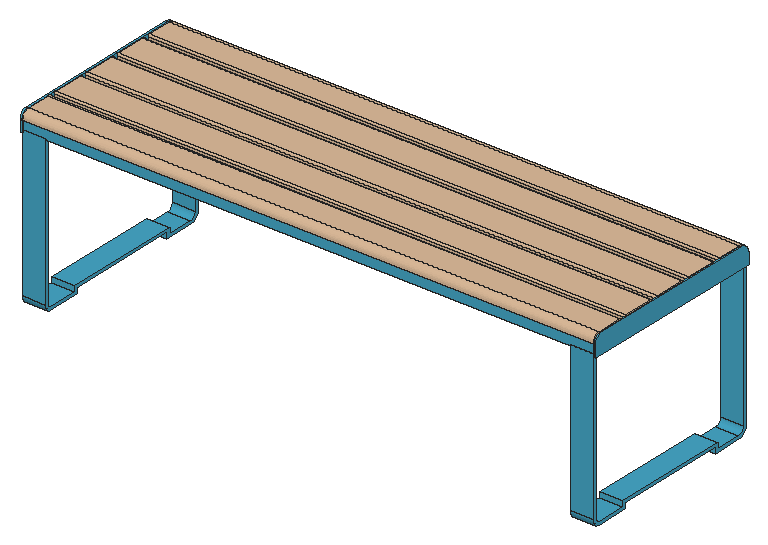
Revit family "product code 61207-S-L", category Meble, Revit 2021
Family settings
  Numer OmniClass = 23.40.20.00
  Tytuł OmniClass = General Furniture and Specialties
  Oparty na płaszczyźnie roboczej = Nie
  Zawsze pionowo = Tak
  Tnij formami wycięć po wczytaniu = Nie
  Współdzielony = Nie
  Punkt obliczania pomieszczeń = Nie
Parameters (values of type "61207-S-L")
  wood = Kobenhagen Wood - Larch
  metal = Kobenhagen RAL 5012
  Width = "50 cm"
  Weight = "35 kg"
  URL = "https://kobenhagen.com/en_US/p/Frederiksberg-3-person-Bench-wo-Backrest/140"
  Product line = "Frederiksberg"
  Product Groups = "Benches"
  Producent = "Lars Laj"
  Keynote = ""
  Opis = "Frederiksberg 3-person Bench w/o Backrest"
  Model = "61207-S-L"
  Material = "Larch, stainless steel, powder coated steel"
  Maintenance = "We recommend to examine and tighten all screws and bolt clamps after a few weeks’ use. In order to prevent cracks and to extend the life of the wood, it is recommended that the wood details should be oiled every 3-5 years."
  Lenght = "150 cm"
  Type Comments = ""
  Kobenhagen Materials = "larslaj.com/bim"
  Hosted on larslaj.com = "https://larslaj.com/bim"
  Height = "45 cm"
  Domyślna rzędna = 0 mm
  Copyright = "All designs and drawings are the intellectual property of Lars Laj A/S and are protected by Danish and international copyright laws."
Reference planes
  plane 1 "front": y = 0
  plane 2: z = 0
  plane 3 "Środek (Lewa/Prawa)": x = 0
  plane 4 "left": x = -745
  plane 5 "right": x = 745
  plane 6 "back": y = 575.242
  plane 7: x = -685
  plane 8: x = 685
  plane 9: x = 0.104
Forms (mm)
  Extrusion 1, solid, material "Kobenhagen Wood - Larch" <- "wood"
    sketch origin (0, -0.031, 21.46) x (0, 1, 0) y (0, 0, 1)
      loop
        arc (260.118, 430.04) -> (256.583, 428.576) -> (255.118, 425.04) r 5
        line (255.118, 425.04) -> (255.118, 388.972)
        arc (255.118, 388.972) -> (255.693, 387.586) -> (257.078, 387.012) r 1.96
        line (257.078, 387.012) -> (342.493, 387.012)
        arc (342.493, 387.012) -> (343.908, 387.598) -> (344.493, 389.012) r 2
        line (344.493, 389.012) -> (344.493, 425.04)
        arc (344.493, 425.04) -> (343.029, 428.576) -> (339.493, 430.04) r 5
        line (339.493, 430.04) -> (260.118, 430.04)
    from -745 to 745
  Extrusion 2, solid, material "Kobenhagen Wood - Larch" <- "wood"
    sketch origin (0, -102.48, 21.46) x (0, 1, 0) y (0, 0, 1)
      loop
        arc (260.118, 430.04) -> (256.583, 428.576) -> (255.118, 425.04) r 5
        line (255.118, 425.04) -> (255.118, 388.972)
        arc (255.118, 388.972) -> (255.693, 387.586) -> (257.078, 387.012) r 1.96
        line (257.078, 387.012) -> (342.493, 387.012)
        arc (342.493, 387.012) -> (343.908, 387.598) -> (344.493, 389.012) r 2
        line (344.493, 389.012) -> (344.493, 425.04)
        arc (344.493, 425.04) -> (343.029, 428.576) -> (339.493, 430.04) r 5
        line (339.493, 430.04) -> (260.118, 430.04)
    from -745 to 745
  Extrusion 3, solid, material "Kobenhagen Wood - Larch" <- "wood"
    sketch origin (0, -204.98, 21.46) x (0, 1, 0) y (0, 0, 1)
      loop
        arc (275.801, 430.04) -> (261.497, 424.045) -> (255.743, 409.642) r 20.061
        line (255.743, 409.642) -> (258.916, 409.642) -> (258.916, 387.013) -> (343.118, 387.013)
        arc (343.118, 387.013) -> (344.532, 387.598) -> (345.117, 389.012) r 1.999
        line (345.117, 389.012) -> (345.117, 425.043)
        arc (345.117, 425.043) -> (343.653, 428.577) -> (340.119, 430.04) r 4.998
        line (340.119, 430.04) -> (275.801, 430.04)
    from -745 to 745
  Extrusion 4, solid, material "Kobenhagen Wood - Larch" <- "wood"
    sketch origin (0, 102.52, 22.625) x (0, 1, 0) y (0, 0, 1)
      loop
        arc (260.118, 428.875) -> (256.583, 427.411) -> (255.118, 423.875) r 5
        line (255.118, 423.875) -> (255.118, 387.807)
        arc (255.118, 387.807) -> (255.693, 386.421) -> (257.078, 385.847) r 1.96
        line (257.078, 385.847) -> (342.493, 385.847)
        arc (342.493, 385.847) -> (343.908, 386.433) -> (344.493, 387.847) r 2
        line (344.493, 387.847) -> (344.493, 423.875)
        arc (344.493, 423.875) -> (343.029, 427.411) -> (339.493, 428.875) r 5
        line (339.493, 428.875) -> (260.118, 428.875)
    from -745 to 745
  Extrusion 5, solid, material "Kobenhagen RAL 5012" <- "metal", not visible
    sketch origin (0, 0, 0) x (0, 1, 0) y (0, 0, 1)
      loop
        arc (71.187, 451.5) -> (57.045, 445.642) -> (51.187, 431.5) r 20
        line (51.187, 431.5) -> (51.187, 18.231)
        arc (51.187, 18.231) -> (56.527, 5.34) -> (69.418, 0) r 18.231
        line (69.418, 0) -> (153.638, 0) -> (153.638, 15) -> (448.638, 15) -> (448.638, 0) -> (527.023, 0)
        arc (527.023, 0) -> (542.307, 6.331) -> (548.638, 21.615) r 21.615
        line (548.638, 21.615) -> (548.638, 429.407)
        arc (548.638, 429.407) -> (542.168, 445.029) -> (526.545, 451.5) r 22.093
        line (526.545, 451.5) -> (71.187, 451.5)
    from 750.378 to 745
  Extrusion 6, solid, material "Kobenhagen RAL 5012" <- "metal", not visible
    sketch origin (0, 0, 0) x (0, 1, 0) y (0, 0, 1)
      loop
        line (548.638, 396.844) -> (629.375, 854.725) -> (601.836, 859.581)
        arc (601.836, 859.581) -> (585.224, 855.898) -> (576.082, 841.547) r 22.232
        line (576.082, 841.547) -> (507.306, 451.5) -> (526.545, 451.5)
        arc (526.545, 451.5) -> (542.168, 445.029) -> (548.638, 429.407) r 22.093
        line (548.638, 429.407) -> (548.638, 396.844)
    from 745 to 750.378
  Extrusion 7, solid, material "Kobenhagen RAL 5012" <- "metal"
    sketch origin (0, 0, 0) x (0, -1, 0) y (0, 0, 1)
      loop
        line (-71.187, 451.5) -> (-526.545, 451.5)
        arc (-526.545, 451.5) -> (-542.168, 445.029) -> (-548.638, 429.407) r 22.093
        line (-548.638, 429.407) -> (-548.638, 400.262) -> (-51.187, 400.262) -> (-51.187, 431.5)
        arc (-51.187, 431.5) -> (-57.045, 445.642) -> (-71.187, 451.5) r 20
    from 750.378 to 745
  Extrusion 8, solid, material "Kobenhagen RAL 5012" <- "metal"
    sketch origin (0, 0, 0) x (0, 1, 0) y (0, 0, 1)
      loop
        line (548.638, 23.296) -> (548.638, 408.472) -> (51.187, 408.472) -> (51.187, 18.763)
        arc (51.187, 18.763) -> (56.683, 5.495) -> (69.95, 0) r 18.763
        line (69.95, 0) -> (153.638, 0) -> (153.638, 15) -> (448.638, 15) -> (448.638, 0) -> (525.342, 0)
        arc (525.342, 0) -> (541.815, 6.823) -> (548.638, 23.296) r 23.296
      loop
        line (58.687, 400.262) -> (58.687, 18.763)
        arc (58.687, 18.763) -> (61.986, 10.799) -> (69.95, 7.5) r 11.263
        line (69.95, 7.5) -> (146.138, 7.5) -> (146.138, 22.5) -> (456.138, 22.5) -> (456.138, 7.5) -> (525.342, 7.5)
        arc (525.342, 7.5) -> (536.512, 12.127) -> (541.138, 23.296) r 15.796
        line (541.138, 23.296) -> (541.138, 400.262) -> (58.687, 400.262)
    from -745 to -685
  Extrusion 9, solid, material "Kobenhagen RAL 5012" <- "metal"
    sketch origin (0, 0, 0) x (0, 1, 0) y (0, 0, 1)
      loop
        line (527.77, 408.472) -> (72.058, 408.472) -> (72.058, 406.163) -> (527.77, 406.163) -> (527.77, 408.472)
    from 30.093 to -29.679
  Extrusion 10, solid, material "Kobenhagen RAL 5012" <- "metal"
    sketch origin (0, 0, 0) x (0, 1, 0) y (0, 0, 1)
      loop
        line (53.936, 431.102) -> (51.187, 431.102) -> (51.187, 405.966) -> (72.058, 405.966) -> (72.058, 408.472) -> (53.936, 408.472) -> (53.936, 431.102)
    from -745 to 745
  Extrusion 11, solid, material "Kobenhagen RAL 5012" <- "metal"
    sketch origin (0, 0, 0) x (0, 1, 0) y (0, 0, -1)
      loop
        arc (548.638, -23.296) -> (541.815, -6.823) -> (525.342, 0) r 23.296
        line (525.342, 0) -> (448.638, 0) -> (448.638, -15) -> (153.638, -15) -> (153.638, 0) -> (69.95, 0)
        arc (69.95, 0) -> (56.683, -5.495) -> (51.187, -18.763) r 18.763
        line (51.187, -18.763) -> (51.187, -408.472) -> (548.638, -408.472) -> (548.638, -23.296)
      loop
        line (58.687, -400.262) -> (541.138, -400.262) -> (541.138, -23.296)
        arc (541.138, -23.296) -> (536.512, -12.127) -> (525.342, -7.5) r 15.796
        line (525.342, -7.5) -> (456.138, -7.5) -> (456.138, -22.5) -> (146.138, -22.5) -> (146.138, -7.5) -> (69.95, -7.5)
        arc (69.95, -7.5) -> (61.986, -10.799) -> (58.687, -18.763) r 11.263
        line (58.687, -18.763) -> (58.687, -400.262)
    from -745 to -685
  Extrusion 12, solid, material "Kobenhagen Wood - Larch" <- "wood"
    sketch origin (0, 804.004, 21.46) x (0, -1, 0) y (0, 0, -1)
      loop
        line (275.801, -430.04) -> (340.119, -430.04)
        arc (340.119, -430.04) -> (343.653, -428.577) -> (345.117, -425.043) r 4.998
        line (345.117, -425.043) -> (345.117, -389.012)
        arc (345.117, -389.012) -> (344.532, -387.598) -> (343.118, -387.013) r 1.999
        line (343.118, -387.013) -> (258.705, -387.013) -> (258.705, -409.642) -> (255.743, -409.642)
        arc (255.743, -409.642) -> (261.497, -424.045) -> (275.801, -430.04) r 20.061
    from -745 to 745
  Extrusion 13, solid, material "Kobenhagen RAL 5012" <- "metal"
    sketch origin (0, 599.828, 0) x (0, -1, 0) y (0, 0, -1)
      loop
        line (53.936, -431.102) -> (53.936, -408.472) -> (72.058, -408.472) -> (72.058, -405.966) -> (51.187, -405.966) -> (51.187, -431.102) -> (53.936, -431.102)
    from -745 to 745
  Extrusion 14, solid, material "Kobenhagen RAL 5012" <- "metal"
    sketch origin (0.208, 0, 0) x (0, -1, 0) y (0, 0, -1)
      loop
        arc (-71.187, -451.5) -> (-57.045, -445.642) -> (-51.187, -431.5) r 20
        line (-51.187, -431.5) -> (-51.187, -400.262) -> (-548.638, -400.262) -> (-548.638, -429.407)
        arc (-548.638, -429.407) -> (-542.168, -445.029) -> (-526.545, -451.5) r 22.093
        line (-526.545, -451.5) -> (-71.187, -451.5)
    from 750.378 to 745
Dimensions and locks
  Extrusion 1 sketch curve to Extrusion 1 sketch curve = 89.375 mm
  Extrusion 1 sketch curve to Extrusion 1 sketch curve = 43.028 mm
  Extrusion 2 sketch curve to Extrusion 2 sketch curve = 89.375 mm
  Extrusion 2 sketch curve to Extrusion 2 sketch curve = 43.028 mm
  Extrusion 3 sketch curve to Extrusion 3 sketch curve = 43.028 mm
  Extrusion 4 sketch curve to Extrusion 4 sketch curve = 89.375 mm
  Extrusion 4 sketch curve to Extrusion 4 sketch curve = 43.028 mm
  Extrusion 12 sketch curve to Extrusion 12 sketch curve = 43.028 mm
  aligned and locked: level to plane 2
  aligned and locked: plane 5 "right" to Extrusion 1
  aligned and locked: Extrusion 1 to plane 4 "left"
  aligned and locked: plane 5 "right" to Extrusion 4
  aligned and locked: plane 5 "right" to Extrusion 2
  aligned and locked: plane 5 "right" to Extrusion 3
  aligned and locked: Extrusion 4 to plane 4 "left"
  aligned and locked: Extrusion 2 to plane 4 "left"
  aligned and locked: Extrusion 3 to plane 4 "left"
  aligned and locked: plane 4 "left" to Extrusion 7
  aligned and locked: Extrusion 8 to plane 4 "left"
  aligned and locked: plane 7 to Extrusion 8
  aligned and locked: Extrusion 10 to plane 4 "left"
  aligned and locked: plane 5 "right" to Extrusion 10
